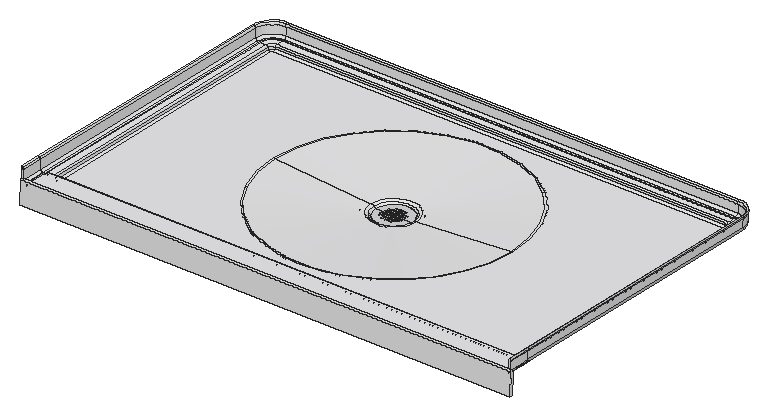
Revit family "Shower-Receptor-STERLING-GUARD-95079_1", category Plumbing Fixtures, host Face, Revit 2017
Family settings
  Host = Face
  Round Connector Dimension = Use Diameter
  Part Type = Normal
  OmniClass Number = 23.31.17.13
  OmniClass Title = Shower Receptors
  Cut with Voids When Loaded = No
  Shared = No
  Room Calculation Point = No
Parameters (values of type "0-White")
  Width = 38"  # constant formula
  WaterSense Certified = 1 = 0  # no
  Waste Water Outlet = "Waste Water Outlet"  # constant formula
  Waste Connection = 1 = 1  # yes
  Vent Connection = 1 = 0  # no
  URL = "https://www.sterlingplumbing.com/"
  Type = 1
  Product Page URL = "https://www.sterlingplumbing.com/product-detail/95079?skuid=95079"
  Product Name = "GUARD\r\n"  # constant formula
  Product Documentation Link = "https://resources.kohler.com/plumbing/sterling/pdf/95079_spec_US-CA_Sterling_en.pdf"
  Pressure = 0.00 psi
  Model = "95079-0"  # constant formula
  Material = "Acrylic"  # constant formula
  Master Format 2014 Name = "Residential Showers"  # constant formula
  Master Format 2014 = "22 41 23"  # constant formula
  Manufacturer Address = "444 Highland Dr, Kohler, WI 53044"  # constant formula
  Manufacturer = "STERLING Co."  # constant formula
  Length = 60"  # constant formula
  Hot Water Inlet = "Hot Water Inlet"  # constant formula
  Height = 4 3/16"  # constant formula
  HW Connection = 1 = 0  # no
  Flow Rate = 0 GPM
  Finish = STERLING-Acrylic-0-White
  Environmental Product Declaration = ""
  Drain Included = 1 = 0  # no
  Description = "60 inch x 38 inch shower base"  # constant formula
  Default Elevation = 0"
  Declare Label = ""
  Date Modified = "12/8/2020"  # constant formula
  Date Created = "12/8/2020"  # constant formula
  Copyright = "Copyright KOHLER Co."  # constant formula
  Contact Us = "https://www.us.kohler.com/us/static/contact.jsp"
  Cold Water Inlet = "Cold Water Inlet"  # constant formula
  CW Connection = 1 = 0  # no
  Assembly Code = "D2010700"
  ADA Compliant = 1 = 0  # no
Reference planes (in)
  plane 1 "Center (Front/Back)": y = 0
  plane 2: z = 0
  plane 3 "Center (Left/Right)": x = 0
  plane 4: x = -30
  plane 5: x = 30
  plane 6: y = -19
  plane 7: y = 19
  plane 8: y = 0.75
  plane 9: z = 4.1875
  plane 10: z = -1.23828
Forms (in)
  Revolve 1, void
    sketch origin (0, 0, 0) x (0, 1, 0) y (0, 0, 1)
      loop
        line (0.75, 0.4423) -> (0.75, -1.2495) -> (2.34194, -1.2495) -> (2.34194, -0.31325) -> (3.01031, -0.31325) -> (3.01031, 0.4423) -> (0.75, 0.4423)
      axis (0.75, 0.4423) -> (0.75, -1.2495)
    angle from 0 to 360
Dimensions and locks (in)
  locked: plane 7 to plane 8 at 18.25
  "Length": plane 4 to plane 5
  "Width": plane 6 to plane 7
  equal spacing: plane 6, plane 1 "Center (Front/Back)", plane 7, locked at 19 each
  "Height": plane 9 to level
  plane 3 "Center (Left/Right)" to plane 5 = 30"
  plane 9 to plane 10 = 5 109/256"
  aligned and locked: plane 2 to host face
  aligned and locked: level to host face
  aligned and locked: nested 1 to plane 6
Automatic sketch dimensions
  host sketch curve to host sketch curve = 96"  (x2)
  Revolve 1 sketch curve to plane 1 "Center (Front/Back)" = 3/4"  (x2)
  Revolve 1 sketch curve to level = 0.31325"
  plane 8 to Revolve 1 sketch curve = 1.59194"
  Revolve 1 sketch curve to Revolve 1 sketch curve = 0.66837"
  Revolve 1 sketch curve to level = 1.2495"
  level to Revolve 1 sketch curve = 0.4423"
  Revolve 1 sketch curve to Revolve 1 sketch curve = 0.2505"
  Revolve 1 sketch curve to Revolve 1 sketch curve = 4.8077"
Nested families (in)
  nested 1: "95079" at (0, 0.75, 0), type "95079"
Connectors (in)
  piping at (0, 0.75, -1.2495), diameter 2.5, driven by "Waste Connection", driven by "Waste Water Outlet"
    settings: on nested 1, index 1, connector inside diameter 24", connector length 0", flow factor 0, pipe flow 0 GPM, pressure drop 0.00 psi, fitting loss kfactor 0, connector angle 0.00°, fixture units 0, engagement length 0", angle of deflection 0.00°, flow configuration 0, flow direction 2, fitting loss method 0, system type 16, joint type 0, gender type 0, connector reference index -1, connector utility 1, adjustable connector no, is connector primary yes, connector description "Waste Water Outlet"
Definition of nested family "95079"
  Parameters (values of type "95079")
    Material = none
  Reference planes (in)
    plane 1 "Center (Front/Back)": y = 0
    plane 2: z = 0
    plane 3 "Center (Left/Right)": x = 0
    plane 4: x = -30
    plane 5: y = 18.25
    plane 6: x = 30
    plane 7: y = -19.75
    plane 8: z = 4.17803
    plane 9: z = -1.2495
    plane 10: z = 2.87402
    plane 11: z = 2.43652
  Forms (in)
    Sweep 1, solid, material <- "Material", detail levels medium+fine
      path origin (0, 0, 0) x (1, 0, 0) y (0, 1, 0)
        loop
          line (-27.83581, -17.04988) -> (-27.83581, 15.85845)
          arc (-27.83581, 15.85845) -> (-27.76918, 16.01931) -> (-27.60832, 16.08594) r 0.22749
          line (-27.60832, 16.08594) -> (27.76723, 16.08594)
          arc (27.76723, 16.08594) -> (27.81572, 16.06585) -> (27.83581, 16.01736) r 0.06858
          line (27.83581, 16.01736) -> (27.83581, -17.05078)
      profile origin (27.83581, -0.51671, 0) x (1, 0, 0) y (0, 0, 1)
        loop
          arc (2.16419, 4.17803) -> (2.07526, 4.12125) -> (1.99893, 4.0484) r 0.54543
          arc (1.99893, 4.0484) -> (1.93241, 3.93698) -> (1.90776, 3.80958) r 0.37562
          line (1.90776, 3.80958) -> (1.89012, 2.79867)
          arc (1.89012, 2.79867) -> (1.81538, 2.62472) -> (1.64016, 2.55303) r 0.25
          line (1.64016, 2.55303) -> (1.34203, 2.55303)
          arc (1.34203, 2.55303) -> (1.2733, 2.55114) -> (1.20477, 2.54548) r 1.25
          line (1.20477, 2.54548) -> (0.51287, 2.46904)
          arc (0.51287, 2.46904) -> (0.39438, 2.41258) -> (0.33649, 2.29478) r 0.19981
          line (0.33649, 2.29478) -> (0.30946, 2.07465)
          arc (0.30946, 2.07465) -> (0.22697, 1.91788) -> (0.06132, 1.85512) r 0.25
          line (0.06132, 1.85512) -> (0, 1.85512) -> (0, 1.64327) -> (0.05791, 1.64327)
          arc (0.05791, 1.64327) -> (0.36661, 1.76022) -> (0.52031, 2.05236) r 0.46587
          line (0.52031, 2.05236) -> (0.53339, 2.15884)
          arc (0.53339, 2.15884) -> (0.57048, 2.23432) -> (0.64641, 2.2705) r 0.12803
          line (0.64641, 2.2705) -> (1.23258, 2.33526)
          arc (1.23258, 2.33526) -> (1.28495, 2.33959) -> (1.33748, 2.34103) r 0.95526
          line (1.33748, 2.34103) -> (1.63258, 2.34103)
          arc (1.63258, 2.34103) -> (1.9618, 2.47572) -> (2.10222, 2.80254) r 0.46971
          line (2.10222, 2.80254) -> (2.11973, 3.80588)
          arc (2.11973, 3.80588) -> (2.13177, 3.86398) -> (2.16419, 3.91367) r 0.15967
          line (2.16419, 3.91367) -> (2.16419, 4.17803)
    Extrusion 2, solid, material <- "Material", detail levels medium+fine
      sketch origin (0, 0, 0) x (0, 1, 0) y (0, 0, 1)
        loop
          arc (-16.41142, 2.24476) -> (-16.52724, 2.4649) -> (-16.75986, 2.55303) r 0.35106
          line (-16.75986, 2.55303) -> (-19.26888, 2.55303)
          arc (-19.26888, 2.55303) -> (-19.34808, 2.58463) -> (-19.38378, 2.66207) r 0.11506
          line (-19.38378, 2.66207) -> (-19.3883, 2.74831)
          arc (-19.3883, 2.74831) -> (-19.52231, 2.87438) -> (-19.65411, 2.74599) r 0.13304
          line (-19.65411, 2.74599) -> (-19.75, 0) -> (-19.43781, 0) -> (-19.36052, 2.21316)
          arc (-19.36052, 2.21316) -> (-19.31982, 2.30248) -> (-19.22788, 2.33685) r 0.12825
          line (-19.22788, 2.33685) -> (-16.73783, 2.2499)
          arc (-16.73783, 2.2499) -> (-16.65101, 2.21217) -> (-16.6132, 2.12538) r 0.12922
          arc (-16.6132, 2.12538) -> (-16.4607, 1.78344) -> (-16.11352, 1.64327) r 0.5
          line (-16.11352, 1.64327) -> (-15.84564, 1.64327) -> (-15.84564, 1.85512) -> (-16.16828, 1.85512)
          arc (-16.16828, 1.85512) -> (-16.31455, 1.91053) -> (-16.38737, 2.04895) r 0.22074
          line (-16.38737, 2.04895) -> (-16.41142, 2.24476)
      from -30 to 30
    Extrusion 3, solid, material <- "Material", detail levels medium+fine
      sketch origin (0, 0, 0) x (1, 0, 0) y (0, 1, 0)
        loop
          line (-27.83581, -15.84564) -> (27.83581, -15.84564) -> (27.83581, 16.01736)
          arc (27.83581, 16.01736) -> (27.81572, 16.06585) -> (27.76723, 16.08594) r 0.06858
          line (27.76723, 16.08594) -> (-27.60832, 16.08594)
          arc (-27.60832, 16.08594) -> (-27.76918, 16.01931) -> (-27.83581, 15.85845) r 0.22749
          line (-27.83581, 15.85845) -> (-27.83581, -15.84564)
        loop
          circle (-0.13255, -0.00952) r 15.34488
      from 1.64327 to 1.85512
    Extrusion 4, void
      sketch origin (0, 0, 0) x (0, 1, 0) y (0, 0, 1)
        loop
          arc (-16.6132, 2.12538) -> (-16.65101, 2.21217) -> (-16.73783, 2.2499) r 0.12922
          line (-16.73783, 2.2499) -> (-17.16406, 2.26478) -> (-17.16406, 1.27729) -> (-15.91406, 1.27729) -> (-15.91406, 1.64327) -> (-16.11352, 1.64327)
          arc (-16.11352, 1.64327) -> (-16.4607, 1.78344) -> (-16.6132, 2.12538) r 0.5
      from -30 to 32.86528
    Extrusion 5, void
      sketch origin (0, 0, 0) x (1, 0, 0) y (0, 0, 1)
        loop
          line (-28.35612, 2.05236) -> (-28.36919, 2.15884)
          arc (-28.36919, 2.15884) -> (-28.40629, 2.23432) -> (-28.48221, 2.2705) r 0.12803
          line (-28.48221, 2.2705) -> (-29.06839, 2.33526)
          arc (-29.06839, 2.33526) -> (-29.12075, 2.33959) -> (-29.17328, 2.34103) r 0.95526
          line (-29.17328, 2.34103) -> (-29.50748, 2.34103)
          arc (-29.50748, 2.34103) -> (-29.80882, 2.46432) -> (-29.93734, 2.76346) r 0.42993
          line (-29.93734, 2.76346) -> (-29.93928, 2.87438) -> (-30, 2.87438) -> (-30, 1.64327) -> (-27.89372, 1.64327)
          arc (-27.89372, 1.64327) -> (-28.20241, 1.76022) -> (-28.35612, 2.05236) r 0.46587
      from -24 to 19.33765
    Revolve 6, solid, material <- "Material", detail levels medium+fine
      sketch origin (0, 0, 0) x (1, 0, 0) y (0, 0, 1)
        loop
          line (0, -1.2495) -> (0, -1.1245) -> (-1.3924, -1.1245)
          arc (-1.3924, -1.1245) -> (-1.41742, -1.11414) -> (-1.42779, -1.08912) r 0.03538
          line (-1.42779, -1.08912) -> (-1.42779, 0.17459) -> (-1.5, 0.17459) -> (-1.5, 0.56) -> (-2.09416, 0.56)
          arc (-2.09416, 0.56) -> (-2.17009, 0.5751) -> (-2.23446, 0.61811) r 0.1984
          line (-2.23446, 0.61811) -> (-2.45019, 0.83385)
          arc (-2.45019, 0.83385) -> (-2.60811, 0.94043) -> (-2.79443, 0.98021) r 0.5
          arc (-2.79443, 0.98021) -> (-8.63907, 1.24979) -> (-14.46011, 1.83975) r 106.56326
          arc (-14.46011, 1.83975) -> (-14.57931, 1.85127) -> (-14.69901, 1.85512) r 1.86485
          line (-14.69901, 1.85512) -> (-15.58581, 1.85512) -> (-15.58581, 1.64327) -> (-14.58522, 1.64327)
          arc (-14.58522, 1.64327) -> (-8.80702, 1.05077) -> (-3.00515, 0.77336) r 106.7742
          line (-3.00515, 0.77336) -> (-3.00515, 0.67548) -> (-2.85615, 0.67548)
          arc (-2.85615, 0.67548) -> (-2.73972, 0.65232) -> (-2.64102, 0.58637) r 0.30423
          line (-2.64102, 0.58637) -> (-2.44829, 0.39364)
          arc (-2.44829, 0.39364) -> (-2.28697, 0.28585) -> (-2.09668, 0.248) r 0.49725
          line (-2.09668, 0.248) -> (-2.25, 0.248) -> (-2.25, 0.08941)
          arc (-2.25, 0.08941) -> (-2.22381, 0.02619) -> (-2.16059, 0) r 0.08941
          line (-2.16059, 0) -> (-2.0435, 0)
          arc (-2.0435, 0) -> (-2.00902, -0.01393) -> (-1.99389, -0.0479) r 0.04964
          line (-1.99389, -0.0479) -> (-1.98462, -0.31325) -> (-1.59029, -0.31325) -> (-1.59029, -1.18256) -> (-1.52335, -1.2495) -> (0, -1.2495)
        axis (0, 1.85512) -> (0, -1.2495)
      angle from 0 to 360
    Revolve 7, solid, detail levels medium+fine
      sketch origin (0, 0, 0) x (1, 0, 0) y (0, 0, 1)
        loop
          line (-2.1875, 0.688) -> (-2.1875, 0.64457) -> (-1.95665, 0.5955) -> (0, 0.5955) -> (0, 0.688) -> (-2.1875, 0.688)
        axis (0, 0.5955) -> (0, 0.688)
      angle from 0 to 360
    Extrusion 8, void
      sketch origin (0, 0, 0) x (1, 0, 0) y (0, 1, 0)
        loop
          arc (-0.2, 0.83723) -> (-0.18609, 0.80366) -> (-0.15252, 0.78975) r 0.04748
          line (-0.15252, 0.78975) -> (0.14571, 0.78975)
          arc (0.14571, 0.78975) -> (0.1841, 0.80565) -> (0.2, 0.84404) r 0.05429
          line (0.2, 0.84404) -> (0.2, 1.14856)
          arc (0.2, 1.14856) -> (0.18501, 1.18476) -> (0.14881, 1.19975) r 0.05119
          line (0.14881, 1.19975) -> (-0.14313, 1.19975)
          arc (-0.14313, 1.19975) -> (-0.18334, 1.18309) -> (-0.2, 1.14288) r 0.05687
          line (-0.2, 1.14288) -> (-0.2, 0.83723)
        loop
          arc (-0.3429, 0.7935) -> (-0.30814, 0.80789) -> (-0.29375, 0.84265) r 0.04915
          line (-0.29375, 0.84265) -> (-0.29375, 1.14897)
          arc (-0.29375, 1.14897) -> (-0.30862, 1.18488) -> (-0.34453, 1.19975) r 0.05078
          line (-0.34453, 1.19975) -> (-0.64977, 1.19975)
          arc (-0.64977, 1.19975) -> (-0.68529, 1.18504) -> (-0.7, 1.14952) r 0.05023
          line (-0.7, 1.14952) -> (-0.7, 0.84551)
          arc (-0.7, 0.84551) -> (-0.68477, 0.80873) -> (-0.64799, 0.7935) r 0.05201
          line (-0.64799, 0.7935) -> (-0.3429, 0.7935)
        loop
          arc (-0.3429, 0.2935) -> (-0.30814, 0.30789) -> (-0.29375, 0.34265) r 0.04915
          line (-0.29375, 0.34265) -> (-0.29375, 0.64897)
          arc (-0.29375, 0.64897) -> (-0.30862, 0.68488) -> (-0.34453, 0.69975) r 0.05078
          line (-0.34453, 0.69975) -> (-0.64977, 0.69975)
          arc (-0.64977, 0.69975) -> (-0.68529, 0.68504) -> (-0.7, 0.64952) r 0.05023
          line (-0.7, 0.64952) -> (-0.7, 0.34551)
          arc (-0.7, 0.34551) -> (-0.68477, 0.30873) -> (-0.64799, 0.2935) r 0.05201
          line (-0.64799, 0.2935) -> (-0.3429, 0.2935)
        loop
          arc (-0.8429, 0.2935) -> (-0.80814, 0.30789) -> (-0.79375, 0.34265) r 0.04915
          line (-0.79375, 0.34265) -> (-0.79375, 0.64897)
          arc (-0.79375, 0.64897) -> (-0.80862, 0.68488) -> (-0.84453, 0.69975) r 0.05078
          line (-0.84453, 0.69975) -> (-1.14977, 0.69975)
          arc (-1.14977, 0.69975) -> (-1.18529, 0.68504) -> (-1.2, 0.64952) r 0.05023
          line (-1.2, 0.64952) -> (-1.2, 0.34551)
          arc (-1.2, 0.34551) -> (-1.18477, 0.30873) -> (-1.14799, 0.2935) r 0.05201
          line (-1.14799, 0.2935) -> (-0.8429, 0.2935)
        loop
          arc (-0.8429, -0.20625) -> (-0.80814, -0.19186) -> (-0.79375, -0.1571) r 0.04915
          line (-0.79375, -0.1571) -> (-0.79375, 0.14922)
          arc (-0.79375, 0.14922) -> (-0.80862, 0.18513) -> (-0.84453, 0.2) r 0.05078
          line (-0.84453, 0.2) -> (-1.14977, 0.2)
          arc (-1.14977, 0.2) -> (-1.18529, 0.18529) -> (-1.2, 0.14977) r 0.05023
          line (-1.2, 0.14977) -> (-1.2, -0.15424)
          arc (-1.2, -0.15424) -> (-1.18477, -0.19102) -> (-1.14799, -0.20625) r 0.05201
          line (-1.14799, -0.20625) -> (-0.8429, -0.20625)
        loop
          arc (-0.8429, -0.7) -> (-0.80814, -0.68561) -> (-0.79375, -0.65085) r 0.04915
          line (-0.79375, -0.65085) -> (-0.79375, -0.34453)
          arc (-0.79375, -0.34453) -> (-0.80862, -0.30862) -> (-0.84453, -0.29375) r 0.05078
          line (-0.84453, -0.29375) -> (-1.14977, -0.29375)
          arc (-1.14977, -0.29375) -> (-1.18529, -0.30846) -> (-1.2, -0.34398) r 0.05023
          line (-1.2, -0.34398) -> (-1.2, -0.64799)
          arc (-1.2, -0.64799) -> (-1.18477, -0.68477) -> (-1.14799, -0.7) r 0.05201
          line (-1.14799, -0.7) -> (-0.8429, -0.7)
        loop
          arc (-0.3429, -0.7) -> (-0.30814, -0.68561) -> (-0.29375, -0.65085) r 0.04915
          line (-0.29375, -0.65085) -> (-0.29375, -0.34453)
          arc (-0.29375, -0.34453) -> (-0.30862, -0.30862) -> (-0.34453, -0.29375) r 0.05078
          line (-0.34453, -0.29375) -> (-0.64977, -0.29375)
          arc (-0.64977, -0.29375) -> (-0.68529, -0.30846) -> (-0.7, -0.34398) r 0.05023
          line (-0.7, -0.34398) -> (-0.7, -0.64799)
          arc (-0.7, -0.64799) -> (-0.68477, -0.68477) -> (-0.64799, -0.7) r 0.05201
          line (-0.64799, -0.7) -> (-0.3429, -0.7)
        loop
          arc (-0.3429, -0.20625) -> (-0.30814, -0.19186) -> (-0.29375, -0.1571) r 0.04915
          line (-0.29375, -0.1571) -> (-0.29375, 0.14922)
          arc (-0.29375, 0.14922) -> (-0.30862, 0.18513) -> (-0.34453, 0.2) r 0.05078
          line (-0.34453, 0.2) -> (-0.64977, 0.2)
          arc (-0.64977, 0.2) -> (-0.68529, 0.18529) -> (-0.7, 0.14977) r 0.05023
          line (-0.7, 0.14977) -> (-0.7, -0.15424)
          arc (-0.7, -0.15424) -> (-0.68477, -0.19102) -> (-0.64799, -0.20625) r 0.05201
          line (-0.64799, -0.20625) -> (-0.3429, -0.20625)
        loop
          arc (0.15425, -0.20625) -> (0.189, -0.19186) -> (0.2034, -0.1571) r 0.04915
          line (0.2034, -0.1571) -> (0.2034, 0.14922)
          arc (0.2034, 0.14922) -> (0.18853, 0.18513) -> (0.15262, 0.2) r 0.05078
          line (0.15262, 0.2) -> (-0.15262, 0.2)
          arc (-0.15262, 0.2) -> (-0.18814, 0.18529) -> (-0.20285, 0.14977) r 0.05023
          line (-0.20285, 0.14977) -> (-0.20285, -0.15424)
          arc (-0.20285, -0.15424) -> (-0.18762, -0.19102) -> (-0.15084, -0.20625) r 0.05201
          line (-0.15084, -0.20625) -> (0.15425, -0.20625)
        loop
          arc (0.15425, 0.2935) -> (0.189, 0.30789) -> (0.2034, 0.34265) r 0.04915
          line (0.2034, 0.34265) -> (0.2034, 0.64897)
          arc (0.2034, 0.64897) -> (0.18853, 0.68488) -> (0.15262, 0.69975) r 0.05078
          line (0.15262, 0.69975) -> (-0.15262, 0.69975)
          arc (-0.15262, 0.69975) -> (-0.18814, 0.68504) -> (-0.20285, 0.64952) r 0.05023
          line (-0.20285, 0.64952) -> (-0.20285, 0.34551)
          arc (-0.20285, 0.34551) -> (-0.18762, 0.30873) -> (-0.15084, 0.2935) r 0.05201
          line (-0.15084, 0.2935) -> (0.15425, 0.2935)
        loop
          arc (0.65425, 0.2935) -> (0.689, 0.30789) -> (0.7034, 0.34265) r 0.04915
          line (0.7034, 0.34265) -> (0.7034, 0.64897)
          arc (0.7034, 0.64897) -> (0.68853, 0.68488) -> (0.65262, 0.69975) r 0.05078
          line (0.65262, 0.69975) -> (0.34738, 0.69975)
          arc (0.34738, 0.69975) -> (0.31186, 0.68504) -> (0.29715, 0.64952) r 0.05023
          line (0.29715, 0.64952) -> (0.29715, 0.34551)
          arc (0.29715, 0.34551) -> (0.31238, 0.30873) -> (0.34916, 0.2935) r 0.05201
          line (0.34916, 0.2935) -> (0.65425, 0.2935)
        loop
          arc (0.65425, -0.20625) -> (0.689, -0.19186) -> (0.7034, -0.1571) r 0.04915
          line (0.7034, -0.1571) -> (0.7034, 0.14922)
          arc (0.7034, 0.14922) -> (0.68853, 0.18513) -> (0.65262, 0.2) r 0.05078
          line (0.65262, 0.2) -> (0.34738, 0.2)
          arc (0.34738, 0.2) -> (0.31186, 0.18529) -> (0.29715, 0.14977) r 0.05023
          line (0.29715, 0.14977) -> (0.29715, -0.15424)
          arc (0.29715, -0.15424) -> (0.31238, -0.19102) -> (0.34916, -0.20625) r 0.05201
          line (0.34916, -0.20625) -> (0.65425, -0.20625)
        loop
          arc (0.65425, -0.7) -> (0.689, -0.68561) -> (0.7034, -0.65085) r 0.04915
          line (0.7034, -0.65085) -> (0.7034, -0.34453)
          arc (0.7034, -0.34453) -> (0.68853, -0.30862) -> (0.65262, -0.29375) r 0.05078
          line (0.65262, -0.29375) -> (0.34738, -0.29375)
          arc (0.34738, -0.29375) -> (0.31186, -0.30846) -> (0.29715, -0.34398) r 0.05023
          line (0.29715, -0.34398) -> (0.29715, -0.64799)
          arc (0.29715, -0.64799) -> (0.31238, -0.68477) -> (0.34916, -0.7) r 0.05201
          line (0.34916, -0.7) -> (0.65425, -0.7)
        loop
          arc (0.15425, -0.7) -> (0.189, -0.68561) -> (0.2034, -0.65085) r 0.04915
          line (0.2034, -0.65085) -> (0.2034, -0.34453)
          arc (0.2034, -0.34453) -> (0.18853, -0.30862) -> (0.15262, -0.29375) r 0.05078
          line (0.15262, -0.29375) -> (-0.15262, -0.29375)
          arc (-0.15262, -0.29375) -> (-0.18814, -0.30846) -> (-0.20285, -0.34398) r 0.05023
          line (-0.20285, -0.34398) -> (-0.20285, -0.64799)
          arc (-0.20285, -0.64799) -> (-0.18762, -0.68477) -> (-0.15084, -0.7) r 0.05201
          line (-0.15084, -0.7) -> (0.15425, -0.7)
        loop
          arc (0.15425, -1.196) -> (0.189, -1.18161) -> (0.2034, -1.14685) r 0.04915
          line (0.2034, -1.14685) -> (0.2034, -0.84053)
          arc (0.2034, -0.84053) -> (0.18853, -0.80462) -> (0.15262, -0.78975) r 0.05078
          line (0.15262, -0.78975) -> (-0.15262, -0.78975)
          arc (-0.15262, -0.78975) -> (-0.18814, -0.80446) -> (-0.20285, -0.83998) r 0.05023
          line (-0.20285, -0.83998) -> (-0.20285, -1.14399)
          arc (-0.20285, -1.14399) -> (-0.18762, -1.18077) -> (-0.15084, -1.196) r 0.05201
          line (-0.15084, -1.196) -> (0.15425, -1.196)
        loop
          arc (-0.34575, -1.196) -> (-0.311, -1.18161) -> (-0.2966, -1.14685) r 0.04915
          line (-0.2966, -1.14685) -> (-0.2966, -0.84053)
          arc (-0.2966, -0.84053) -> (-0.31147, -0.80462) -> (-0.34738, -0.78975) r 0.05078
          line (-0.34738, -0.78975) -> (-0.65262, -0.78975)
          arc (-0.65262, -0.78975) -> (-0.68814, -0.80446) -> (-0.70285, -0.83998) r 0.05023
          line (-0.70285, -0.83998) -> (-0.70285, -1.14399)
          arc (-0.70285, -1.14399) -> (-0.68762, -1.18077) -> (-0.65084, -1.196) r 0.05201
          line (-0.65084, -1.196) -> (-0.34575, -1.196)
        loop
          arc (0.65425, -1.196) -> (0.689, -1.18161) -> (0.7034, -1.14685) r 0.04915
          line (0.7034, -1.14685) -> (0.7034, -0.84053)
          arc (0.7034, -0.84053) -> (0.68853, -0.80462) -> (0.65262, -0.78975) r 0.05078
          line (0.65262, -0.78975) -> (0.34738, -0.78975)
          arc (0.34738, -0.78975) -> (0.31186, -0.80446) -> (0.29715, -0.83998) r 0.05023
          line (0.29715, -0.83998) -> (0.29715, -1.14399)
          arc (0.29715, -1.14399) -> (0.31238, -1.18077) -> (0.34916, -1.196) r 0.05201
          line (0.34916, -1.196) -> (0.65425, -1.196)
        loop
          arc (1.13997, -0.7) -> (1.17472, -0.68561) -> (1.18911, -0.65085) r 0.04915
          line (1.18911, -0.65085) -> (1.18911, -0.34453)
          arc (1.18911, -0.34453) -> (1.17424, -0.30862) -> (1.13833, -0.29375) r 0.05078
          line (1.13833, -0.29375) -> (0.8331, -0.29375)
          arc (0.8331, -0.29375) -> (0.79758, -0.30846) -> (0.78286, -0.34398) r 0.05023
          line (0.78286, -0.34398) -> (0.78286, -0.64799)
          arc (0.78286, -0.64799) -> (0.7981, -0.68477) -> (0.83488, -0.7) r 0.05201
          line (0.83488, -0.7) -> (1.13997, -0.7)
        loop
          arc (0.65113, 0.7935) -> (0.68588, 0.80789) -> (0.70027, 0.84265) r 0.04915
          line (0.70027, 0.84265) -> (0.70027, 1.14897)
          arc (0.70027, 1.14897) -> (0.6854, 1.18488) -> (0.64949, 1.19975) r 0.05078
          line (0.64949, 1.19975) -> (0.34426, 1.19975)
          arc (0.34426, 1.19975) -> (0.30874, 1.18504) -> (0.29402, 1.14952) r 0.05023
          line (0.29402, 1.14952) -> (0.29402, 0.84551)
          arc (0.29402, 0.84551) -> (0.30926, 0.80873) -> (0.34604, 0.7935) r 0.05201
          line (0.34604, 0.7935) -> (0.65113, 0.7935)
        loop
          arc (1.15113, 0.2935) -> (1.18588, 0.30789) -> (1.20027, 0.34265) r 0.04915
          line (1.20027, 0.34265) -> (1.20027, 0.64897)
          arc (1.20027, 0.64897) -> (1.1854, 0.68488) -> (1.14949, 0.69975) r 0.05078
          line (1.14949, 0.69975) -> (0.84426, 0.69975)
          arc (0.84426, 0.69975) -> (0.80874, 0.68504) -> (0.79402, 0.64952) r 0.05023
          line (0.79402, 0.64952) -> (0.79402, 0.34551)
          arc (0.79402, 0.34551) -> (0.80926, 0.30873) -> (0.84604, 0.2935) r 0.05201
          line (0.84604, 0.2935) -> (1.15113, 0.2935)
        loop
          arc (1.15113, -0.20625) -> (1.18588, -0.19186) -> (1.20027, -0.1571) r 0.04915
          line (1.20027, -0.1571) -> (1.20027, 0.14922)
          arc (1.20027, 0.14922) -> (1.1854, 0.18513) -> (1.14949, 0.2) r 0.05078
          line (1.14949, 0.2) -> (0.84426, 0.2)
          arc (0.84426, 0.2) -> (0.80874, 0.18529) -> (0.79402, 0.14977) r 0.05023
          line (0.79402, 0.14977) -> (0.79402, -0.15424)
          arc (0.79402, -0.15424) -> (0.80926, -0.19102) -> (0.84604, -0.20625) r 0.05201
          line (0.84604, -0.20625) -> (1.15113, -0.20625)
      from 0 to 2.28214
    Extrusion 9, solid, material <- "Material", detail levels medium+fine
      sketch origin (0, 0, 0) x (1, 0, 0) y (0, 0, 1)
        loop
          line (-29.72592, 2.79867) -> (-29.74357, 3.80958)
          arc (-29.74357, 3.80958) -> (-29.76821, 3.93698) -> (-29.83474, 4.0484) r 0.37562
          arc (-29.83474, 4.0484) -> (-29.91107, 4.12125) -> (-30, 4.17803) r 0.54543
          line (-30, 4.17803) -> (-30, 3.91367)
          arc (-30, 3.91367) -> (-29.96758, 3.86398) -> (-29.95554, 3.80588) r 0.15967
          line (-29.95554, 3.80588) -> (-29.93748, 2.77125)
          arc (-29.93748, 2.77125) -> (-29.81687, 2.47664) -> (-29.52885, 2.34103) r 0.43892
          line (-29.52885, 2.34103) -> (-29.26304, 2.34103) -> (-29.26304, 2.55303) -> (-29.47596, 2.55303)
          arc (-29.47596, 2.55303) -> (-29.65119, 2.62472) -> (-29.72592, 2.79867) r 0.25
      from 17.04988 to 20.05623
    Extrusion 10, void
      sketch origin (0, 0, 0) x (0, 1, 0) y (0, 0, 1)
        loop
          line (-19.54532, 4.24741) -> (-20.17088, 4.24741) -> (-20.17088, 2.24741) -> (-19.61516, 2.24741) -> (-19.54532, 4.24741)
      from -50 to 31.5635
    Extrusion 11, void
      sketch origin (0, 0, 0) x (-1, 0, 0) y (0, 0, -1)
        loop
          arc (-28.35612, -2.05236) -> (-28.20241, -1.76022) -> (-27.89372, -1.64327) r 0.46587
          line (-27.89372, -1.64327) -> (-30, -1.64327) -> (-30, -2.87438) -> (-29.93928, -2.87438) -> (-29.93734, -2.76346)
          arc (-29.93734, -2.76346) -> (-29.80882, -2.46432) -> (-29.50748, -2.34103) r 0.42993
          line (-29.50748, -2.34103) -> (-29.17328, -2.34103)
          arc (-29.17328, -2.34103) -> (-29.12075, -2.33959) -> (-29.06839, -2.33526) r 0.95526
          line (-29.06839, -2.33526) -> (-28.48221, -2.2705)
          arc (-28.48221, -2.2705) -> (-28.40629, -2.23432) -> (-28.36919, -2.15884) r 0.12803
          line (-28.36919, -2.15884) -> (-28.35612, -2.05236)
      from -24 to 19.33765
    Extrusion 12, solid, material <- "Material", detail levels medium+fine
      sketch origin (0, 0, 0) x (-1, 0, 0) y (0, 0, -1)
        loop
          arc (-29.72592, -2.79867) -> (-29.65119, -2.62472) -> (-29.47596, -2.55303) r 0.25
          line (-29.47596, -2.55303) -> (-29.26304, -2.55303) -> (-29.26304, -2.34103) -> (-29.52885, -2.34103)
          arc (-29.52885, -2.34103) -> (-29.81687, -2.47664) -> (-29.93748, -2.77125) r 0.43892
          line (-29.93748, -2.77125) -> (-29.95554, -3.80588)
          arc (-29.95554, -3.80588) -> (-29.96758, -3.86398) -> (-30, -3.91367) r 0.15967
          line (-30, -3.91367) -> (-30, -4.17803)
          arc (-30, -4.17803) -> (-29.91107, -4.12125) -> (-29.83474, -4.0484) r 0.54543
          arc (-29.83474, -4.0484) -> (-29.76821, -3.93698) -> (-29.74357, -3.80958) r 0.37562
          line (-29.74357, -3.80958) -> (-29.72592, -2.79867)
      from 17.04988 to 20.05623
    Extrusion 13, solid, material <- "Material", detail levels medium+fine
      sketch origin (0, 0, 0) x (1, 0, 0) y (0, 0, 1)
        loop
          line (4.26672, 0.6633) -> (27.25608, 1.36251) -> (27.24393, 1.76213) -> (17.62095, 1.76213) -> (4.25741, 0.96933) -> (4.26672, 0.6633)
        loop
          line (-3.989, 0.60559) -> (4.011, 0.60559) -> (4.011, 0.80981) -> (-3.989, 0.80981) -> (-3.989, 0.60559)
        loop
          line (-4.26672, 0.6633) -> (-4.25741, 0.96933) -> (-17.62095, 1.76213) -> (-27.24393, 1.76213) -> (-27.25608, 1.36251) -> (-4.26672, 0.6633)
      from -13.875 to 19.54023
    Extrusion 14, void
      sketch origin (0, 0, 0) x (1, 0, 0) y (0, 1, 0)
        loop
          circle (0, 0) r 3.38038
      from -5.54149 to 10
    Extrusion 15, solid, material <- "Material", detail levels medium+fine
      sketch origin (0, 0, 0) x (1, 0, 0) y (0, 0, 1)
        loop
          line (17.50035, 0.6441) -> (17.48514, 1.14327) -> (14.48375, 1.14327) -> (14.50174, 0.55274) -> (17.50035, 0.6441)
        loop
          line (1.5, 0.24182) -> (1.5, 0.72751) -> (-1.5, 0.72751) -> (-1.5, 0.24182) -> (1.5, 0.24182)
        loop
          line (-17.50035, 0.6441) -> (-14.50174, 0.55274) -> (-14.48375, 1.14327) -> (-17.48514, 1.14327) -> (-17.50035, 0.6441)
      from -10.34627 to -7.32514
    Extrusion 16, solid, material <- "Material", detail levels medium+fine
      sketch origin (0, 0, 0) x (1, 0, 0) y (0, 0, -1)
        loop
          line (17.50035, -0.6441) -> (14.50174, -0.55274) -> (14.48375, -1.14327) -> (17.48514, -1.14327) -> (17.50035, -0.6441)
        loop
          line (1.5, -0.24182) -> (-1.5, -0.24182) -> (-1.5, -0.72751) -> (1.5, -0.72751) -> (1.5, -0.24182)
        loop
          line (-17.50035, -0.6441) -> (-17.48514, -1.14327) -> (-14.48375, -1.14327) -> (-14.50174, -0.55274) -> (-17.50035, -0.6441)
      from -15.1637 to -12.16553
    Extrusion 17, solid, material <- "Material", detail levels coarse
      sketch origin (0, 0, 0) x (1, 0, 0) y (0, 1, 0)
        loop
          line (-30, 18.25013) -> (-30, -19.75) -> (30, -19.75) -> (30, 18.25013) -> (-30, 18.25013)
      from 2.27315 to 4.17803
    Extrusion 18, solid, material <- "Material", detail levels coarse
      sketch origin (0, 0, 0) x (0, 1, 0) y (0, 0, 1)
        loop
          line (-16.65783, 2.27315) -> (-16.65783, 0.6633) -> (16.67323, 0.6633) -> (16.67323, 2.27315) -> (-16.65783, 2.27315)
      from -28.34646 to 28.34646
    Revolve 19, solid, material <- "Material", detail levels coarse
      sketch origin (0, 0, 0) x (1, 0, 0) y (0, 0, 1)
        loop
          line (0, 0.2773) -> (-2.25, 0.2773) -> (-2.25, 0) -> (-1.98462, 0) -> (-1.98462, -0.31325) -> (-1.59029, -0.31325) -> (-1.59029, -1.2495) -> (0, -1.2495) -> (0, 0.2773)
        axis (0, -1.2495) -> (0, 0.2773)
      angle from 0 to 360
    Extrusion 20, void
      sketch origin (0, 0, 0) x (1, 0, 0) y (0, 1, 0)
        loop
          line (-28.18189, 16.43189) -> (-28.18189, -16.40025) -> (28.18181, -16.40025) -> (28.18181, 16.43189) -> (-28.18189, 16.43189)
      from 0.80981 to 10
    Extrusion 21, void
      sketch origin (0, 0, 0) x (1, 0, 0) y (0, 1, 0)
        loop
          line (-28.18189, -16.40025) -> (-28.18189, -21.51836) -> (28.18125, -21.51836) -> (28.18125, -16.40025) -> (-28.18189, -16.40025)
      from 2.55303 to 10
    Extrusion 22, solid, material <- "Material", detail levels coarse
      sketch origin (0, 0, 0) x (0, 1, 0) y (0, 0, 1)
        loop
          line (-19.75, 0) -> (-19.43781, 0) -> (-19.43781, 2.86835) -> (-19.75, 2.86835) -> (-19.75, 0)
      from -30 to 30
    Extrusion 23, solid, material <- "Material", detail levels medium+fine
      sketch origin (0, 0, 0) x (1, 0, 0) y (0, 1, 0)
        loop
          circle (0, 0) r 0.3937
      from -1.2495 to -1.03655
  Cuts and joins
    Extrusion 4, Extrusion 14 cuts Sweep 1
    Extrusion 4, Extrusion 14 cuts Extrusion 3
    Extrusion 4 cuts Revolve 6
    Extrusion 14 cuts Extrusion 13
    joined: Sweep 1, Extrusion 3, Revolve 6, Extrusion 13, Extrusion 15, Extrusion 16
    Extrusion 4, Extrusion 5, Extrusion 11 cuts Extrusion 2
    Extrusion 8 cuts Revolve 7
    Extrusion 10 cuts Extrusion 9
    Extrusion 10 cuts Extrusion 12
    joined: Extrusion 9, Extrusion 12
    Extrusion 20, Extrusion 21 cuts Extrusion 17
    Extrusion 20 cuts Extrusion 18
    joined: Extrusion 17, Extrusion 18, Revolve 19, Extrusion 22
  Lines and regions (in)
    Masking region 1
      outline origin (0, 0, 0) x (1, 0, 0) y (0, 1, 0)
        loop
          line (-30, 18.25) -> (-30, -19.75) -> (30, -19.75) -> (30, 18.25) -> (-30, 18.25)
    Masking region 2
      outline origin (0, 0, 0) x (1, 0, 0) y (0, 0, 1)
        loop
          line (-30, 4.17803) -> (-30, 0) -> (-2.03817, 0)
          arc (-2.03817, 0) -> (-2.00708, -0.01629) -> (-1.99386, -0.04881) r 0.05103
          line (-1.99386, -0.04881) -> (-1.98462, -0.31325) -> (-1.59029, -0.31325) -> (-1.59029, -1.18256) -> (-1.52335, -1.2495) -> (1.52335, -1.2495) -> (1.59029, -1.18256) -> (1.59029, -0.31325) -> (1.98463, -0.31325) -> (1.99386, -0.04881)
          arc (1.99386, -0.04881) -> (2.00708, -0.01629) -> (2.03817, 0) r 0.05103
          line (2.03817, 0) -> (30, 0) -> (30, 4.17803) -> (-30, 4.17803)
    Masking region 3
      outline origin (0, 0, 0) x (0, 1, 0) y (0, 0, 1)
        loop
          line (-19.75, 0) -> (-19.43781, 0) -> (-19.41666, 0.60559) -> (-15.1637, 0.60559) -> (-15.1637, 0.24182) -> (-12.16553, 0.24182) -> (-12.16553, 0.60559) -> (-2.66024, 0.60559) -> (-2.44829, 0.39364)
          arc (-2.44829, 0.39364) -> (-2.28697, 0.28585) -> (-2.09668, 0.248) r 0.49725
          line (-2.09668, 0.248) -> (-2.25, 0.248) -> (-2.25, 0.08941)
          arc (-2.25, 0.08941) -> (-2.22381, 0.02619) -> (-2.16059, 0) r 0.08941
          line (-2.16059, 0) -> (-2.0435, 0)
          arc (-2.0435, 0) -> (-2.00902, -0.01393) -> (-1.99389, -0.0479) r 0.04964
          line (-1.99389, -0.0479) -> (-1.98463, -0.31325) -> (-1.59029, -0.31325) -> (-1.59029, -1.18256) -> (-1.52335, -1.2495) -> (0, -1.2495) -> (1.52335, -1.2495) -> (1.59029, -1.18256) -> (1.59029, -0.31325) -> (1.98462, -0.31325) -> (1.99389, -0.0479)
          arc (1.99389, -0.0479) -> (2.00902, -0.01393) -> (2.0435, 0) r 0.04964
          line (2.0435, 0) -> (2.16059, 0)
          arc (2.16059, 0) -> (2.22381, 0.02619) -> (2.25, 0.08941) r 0.08941
          line (2.25, 0.08941) -> (2.25, 0.248) -> (2.09668, 0.248)
          arc (2.09668, 0.248) -> (2.28697, 0.28585) -> (2.44829, 0.39364) r 0.49725
          line (2.44829, 0.39364) -> (2.66024, 0.60559) -> (7.32514, 0.60559) -> (7.32514, 0.24182) -> (10.34627, 0.24182) -> (10.34627, 0.60559) -> (13.875, 0.60559) -> (13.875, 1.50289) -> (16.15305, 1.5658)
          arc (16.15305, 1.5658) -> (16.45062, 1.69211) -> (16.59738, 1.98015) r 0.47258
          line (16.59738, 1.98015) -> (16.62027, 2.16661)
          arc (16.62027, 2.16661) -> (16.65449, 2.23623) -> (16.72452, 2.26961) r 0.11811
          line (16.72452, 2.26961) -> (17.3191, 2.33536)
          arc (17.3191, 2.33536) -> (17.37118, 2.33965) -> (17.42341, 2.34104) r 0.93694
          line (17.42341, 2.34104) -> (17.71583, 2.34104)
          arc (17.71583, 2.34104) -> (18.04697, 2.47651) -> (18.1882, 2.80523) r 0.47244
          line (18.1882, 2.80523) -> (18.20564, 3.80434)
          arc (18.20564, 3.80434) -> (18.21768, 3.86316) -> (18.25013, 3.91367) r 0.16362
          line (18.25013, 3.91367) -> (18.25013, 4.17803) -> (-19.414, 4.17803)
          arc (-19.414, 4.17803) -> (-19.55075, 4.12279) -> (-19.61073, 3.98805) r 0.19685
          line (-19.61073, 3.98805) -> (-19.75, 0)
    symbolic lines, detail levels medium+fine
      curve 1: line (-29.11024, 17.95079, 0) -> (29.09978, 17.95079, 0)
      curve 2: line (-29.70079, -19.40269, 0) -> (-29.70079, 17.36024, 0)
      curve 3: line (29.69033, -19.40269, 0) -> (-29.70079, -19.40269, 0)
      curve 4: line (29.69033, 17.36024, 0) -> (29.69033, -19.40269, 0)
      curve 5: arc (-29.70079, 17.36024, 0) -> (-29.52782, 17.77782, 0) -> (-29.11024, 17.95079, 0) r 0.59055
      curve 6: arc (29.69033, 17.36024, 0) -> (29.51736, 17.77782, 0) -> (29.09978, 17.95079, 0) r 0.59055
      curve 8: circle (0, 0, 0) r 2.66816 normal (0, 0, 1)
      curve 9: circle (0, 0, 0) r 1.77165 normal (0, 0, 1)
      curve 10: line (-0.7, 1.14952, 0) -> (-0.7, 0.84551, 0)
      curve 11: line (-0.29375, 0.84265, 0) -> (-0.29375, 1.14897, 0)
      curve 12: line (-0.64799, 0.7935, 0) -> (-0.3429, 0.7935, 0)
      curve 13: line (-0.34453, 1.19975, 0) -> (-0.64977, 1.19975, 0)
      curve 14: arc (-0.7, 0.84551, 0) -> (-0.68477, 0.80873, 0) -> (-0.64799, 0.7935, 0) r 0.05201
      curve 15: arc (-0.3429, 0.7935, 0) -> (-0.30814, 0.80789, 0) -> (-0.29375, 0.84265, 0) r 0.04915
      curve 16: arc (-0.64977, 1.19975, 0) -> (-0.68529, 1.18504, 0) -> (-0.7, 1.14952, 0) r 0.05023
      curve 17: arc (-0.29375, 1.14897, 0) -> (-0.30862, 1.18488, 0) -> (-0.34453, 1.19975, 0) r 0.05078
      curve 18: line (-0.20001, 1.14952, 0) -> (-0.20001, 0.84551, 0)
      curve 19: line (0.20624, 0.84265, 0) -> (0.20624, 1.14897, 0)
      curve 20: line (-0.148, 0.7935, 0) -> (0.1571, 0.7935, 0)
      curve 21: line (0.15546, 1.19975, 0) -> (0.10124, 1.19975, 0)
      curve 22: arc (-0.20001, 0.84551, 0) -> (-0.18477, 0.80873, 0) -> (-0.148, 0.7935, 0) r 0.05201
      curve 23: arc (0.1571, 0.7935, 0) -> (0.19185, 0.80789, 0) -> (0.20624, 0.84265, 0) r 0.04915
      curve 24: arc (-0.14978, 1.19975, 0) -> (-0.1853, 1.18504, 0) -> (-0.20001, 1.14952, 0) r 0.05023
      curve 25: arc (0.20624, 1.14897, 0) -> (0.19137, 1.18488, 0) -> (0.15546, 1.19975, 0) r 0.05078
      curve 26: line (0.29402, 1.14952, 0) -> (0.29402, 0.84551, 0)
      curve 27: line (0.70027, 0.84265, 0) -> (0.70027, 1.14897, 0)
      curve 28: line (0.34604, 0.7935, 0) -> (0.65113, 0.7935, 0)
      curve 29: line (0.64949, 1.19975, 0) -> (0.34426, 1.19975, 0)
      curve 30: arc (0.29402, 0.84551, 0) -> (0.30926, 0.80873, 0) -> (0.34604, 0.7935, 0) r 0.05201
      curve 31: arc (0.65113, 0.7935, 0) -> (0.68588, 0.80789, 0) -> (0.70027, 0.84265, 0) r 0.04915
      curve 32: arc (0.34426, 1.19975, 0) -> (0.30874, 1.18504, 0) -> (0.29402, 1.14952, 0) r 0.05023
      curve 33: arc (0.70027, 1.14897, 0) -> (0.6854, 1.18488, 0) -> (0.64949, 1.19975, 0) r 0.05078
      curve 34: line (0.79402, 0.64952, 0) -> (0.79402, 0.34551, 0)
      curve 35: line (1.20027, 0.34265, 0) -> (1.20027, 0.64897, 0)
      curve 36: line (0.84604, 0.2935, 0) -> (1.15113, 0.2935, 0)
      curve 37: line (1.14949, 0.69975, 0) -> (0.84426, 0.69975, 0)
      curve 38: arc (0.79402, 0.34551, 0) -> (0.80926, 0.30873, 0) -> (0.84604, 0.2935, 0) r 0.05201
      curve 39: arc (1.15113, 0.2935, 0) -> (1.18588, 0.30789, 0) -> (1.20027, 0.34265, 0) r 0.04915
      curve 40: arc (0.84426, 0.69975, 0) -> (0.80874, 0.68504, 0) -> (0.79402, 0.64952, 0) r 0.05023
      curve 41: arc (1.20027, 0.64897, 0) -> (1.1854, 0.68488, 0) -> (1.14949, 0.69975, 0) r 0.05078
      curve 42: line (0.29715, 0.64952, 0) -> (0.29715, 0.34551, 0)
      curve 43: line (0.7034, 0.34265, 0) -> (0.7034, 0.64897, 0)
      curve 44: line (0.34916, 0.2935, 0) -> (0.65425, 0.2935, 0)
      curve 45: line (0.65262, 0.69975, 0) -> (0.34738, 0.69975, 0)
      curve 46: arc (0.29715, 0.34551, 0) -> (0.31238, 0.30873, 0) -> (0.34916, 0.2935, 0) r 0.05201
      curve 47: arc (0.65425, 0.2935, 0) -> (0.689, 0.30789, 0) -> (0.7034, 0.34265, 0) r 0.04915
      curve 48: arc (0.34738, 0.69975, 0) -> (0.31186, 0.68504, 0) -> (0.29715, 0.64952, 0) r 0.05023
      curve 49: arc (0.7034, 0.64897, 0) -> (0.68853, 0.68488, 0) -> (0.65262, 0.69975, 0) r 0.05078
      curve 50: line (-0.20285, 0.64952, 0) -> (-0.20285, 0.34551, 0)
      curve 51: line (0.2034, 0.34265, 0) -> (0.2034, 0.64897, 0)
      curve 52: line (-0.15084, 0.2935, 0) -> (0.15425, 0.2935, 0)
      curve 53: line (0.15262, 0.69975, 0) -> (-0.15262, 0.69975, 0)
      curve 54: arc (-0.20285, 0.34551, 0) -> (-0.18762, 0.30873, 0) -> (-0.15084, 0.2935, 0) r 0.05201
      curve 55: arc (0.15425, 0.2935, 0) -> (0.189, 0.30789, 0) -> (0.2034, 0.34265, 0) r 0.04915
      curve 56: arc (-0.15262, 0.69975, 0) -> (-0.18814, 0.68504, 0) -> (-0.20285, 0.64952, 0) r 0.05023
      curve 57: arc (0.2034, 0.64897, 0) -> (0.18853, 0.68488, 0) -> (0.15262, 0.69975, 0) r 0.05078
      curve 58: line (-0.7, 0.64952, 0) -> (-0.7, 0.34551, 0)
      curve 59: line (-0.29375, 0.34265, 0) -> (-0.29375, 0.64897, 0)
      curve 60: line (-0.64799, 0.2935, 0) -> (-0.3429, 0.2935, 0)
      curve 61: line (-0.34453, 0.69975, 0) -> (-0.64977, 0.69975, 0)
      curve 62: arc (-0.7, 0.34551, 0) -> (-0.68477, 0.30873, 0) -> (-0.64799, 0.2935, 0) r 0.05201
      curve 63: arc (-0.3429, 0.2935, 0) -> (-0.30814, 0.30789, 0) -> (-0.29375, 0.34265, 0) r 0.04915
      curve 64: arc (-0.64977, 0.69975, 0) -> (-0.68529, 0.68504, 0) -> (-0.7, 0.64952, 0) r 0.05023
      curve 65: arc (-0.29375, 0.64897, 0) -> (-0.30862, 0.68488, 0) -> (-0.34453, 0.69975, 0) r 0.05078
      curve 66: line (-1.2, 0.64952, 0) -> (-1.2, 0.34551, 0)
      curve 67: line (-0.79375, 0.34265, 0) -> (-0.79375, 0.64897, 0)
      curve 68: line (-1.14799, 0.2935, 0) -> (-0.8429, 0.2935, 0)
      curve 69: line (-0.84453, 0.69975, 0) -> (-1.14977, 0.69975, 0)
      curve 70: arc (-1.2, 0.34551, 0) -> (-1.18477, 0.30873, 0) -> (-1.14799, 0.2935, 0) r 0.05201
      curve 71: arc (-0.8429, 0.2935, 0) -> (-0.80814, 0.30789, 0) -> (-0.79375, 0.34265, 0) r 0.04915
      curve 72: arc (-1.14977, 0.69975, 0) -> (-1.18529, 0.68504, 0) -> (-1.2, 0.64952, 0) r 0.05023
      curve 73: arc (-0.79375, 0.64897, 0) -> (-0.80862, 0.68488, 0) -> (-0.84453, 0.69975, 0) r 0.05078
      curve 74: line (-1.2, 0.14977, 0) -> (-1.2, 0.0977, 0)
      curve 75: line (-0.79375, -0.1571, 0) -> (-0.79375, 0.14922, 0)
      curve 76: line (-1.14799, -0.20625, 0) -> (-0.8429, -0.20625, 0)
      curve 77: line (-0.84453, 0.2, 0) -> (-1.14977, 0.2, 0)
      curve 78: arc (-1.2, -0.15424, 0) -> (-1.18477, -0.19102, 0) -> (-1.14799, -0.20625, 0) r 0.05201
      curve 79: arc (-0.8429, -0.20625, 0) -> (-0.80814, -0.19186, 0) -> (-0.79375, -0.1571, 0) r 0.04915
      curve 80: arc (-1.14977, 0.2, 0) -> (-1.18529, 0.18529, 0) -> (-1.2, 0.14977, 0) r 0.05023
      curve 81: arc (-0.79375, 0.14922, 0) -> (-0.80862, 0.18513, 0) -> (-0.84453, 0.2, 0) r 0.05078
      curve 82: line (-0.7, 0.14977, 0) -> (-0.7, -0.15424, 0)
      curve 83: line (-0.29375, -0.1571, 0) -> (-0.29375, 0.14922, 0)
      curve 84: line (-0.64799, -0.20625, 0) -> (-0.3429, -0.20625, 0)
      curve 85: line (-0.34453, 0.2, 0) -> (-0.64977, 0.2, 0)
      curve 86: arc (-0.7, -0.15424, 0) -> (-0.68477, -0.19102, 0) -> (-0.64799, -0.20625, 0) r 0.05201
      curve 87: arc (-0.3429, -0.20625, 0) -> (-0.30814, -0.19186, 0) -> (-0.29375, -0.1571, 0) r 0.04915
      curve 88: arc (-0.64977, 0.2, 0) -> (-0.68529, 0.18529, 0) -> (-0.7, 0.14977, 0) r 0.05023
      curve 89: arc (-0.29375, 0.14922, 0) -> (-0.30862, 0.18513, 0) -> (-0.34453, 0.2, 0) r 0.05078
      curve 90: line (-0.20285, 0.14977, 0) -> (-0.20285, -0.15424, 0)
      curve 91: line (0.2034, -0.1571, 0) -> (0.2034, 0.14922, 0)
      curve 92: line (-0.15084, -0.20625, 0) -> (0.15425, -0.20625, 0)
      curve 93: line (0.15262, 0.2, 0) -> (-0.15262, 0.2, 0)
      curve 94: arc (-0.20285, -0.15424, 0) -> (-0.18762, -0.19102, 0) -> (-0.15084, -0.20625, 0) r 0.05201
      curve 95: arc (0.15425, -0.20625, 0) -> (0.189, -0.19186, 0) -> (0.2034, -0.1571, 0) r 0.04915
      curve 96: arc (-0.15262, 0.2, 0) -> (-0.18814, 0.18529, 0) -> (-0.20285, 0.14977, 0) r 0.05023
      curve 97: arc (0.2034, 0.14922, 0) -> (0.18853, 0.18513, 0) -> (0.15262, 0.2, 0) r 0.05078
      curve 98: line (0.29908, 0.14977, 0) -> (0.29908, -0.15424, 0)
      curve 99: line (0.70533, -0.1571, 0) -> (0.70533, 0.14922, 0)
      curve 100: line (0.35109, -0.20625, 0) -> (0.65618, -0.20625, 0)
      curve 101: line (0.65455, 0.2, 0) -> (0.34931, 0.2, 0)
      curve 102: arc (0.29908, -0.15424, 0) -> (0.31431, -0.19102, 0) -> (0.35109, -0.20625, 0) r 0.05201
      curve 103: arc (0.65618, -0.20625, 0) -> (0.69093, -0.19186, 0) -> (0.70533, -0.1571, 0) r 0.04915
      curve 104: arc (0.34931, 0.2, 0) -> (0.31379, 0.18529, 0) -> (0.29908, 0.14977, 0) r 0.05023
      curve 105: arc (0.70533, 0.14922, 0) -> (0.69045, 0.18513, 0) -> (0.65455, 0.2, 0) r 0.05078
      curve 106: line (0.79402, 0.14977, 0) -> (0.79402, -0.15424, 0)
      curve 107: line (1.20027, -0.1571, 0) -> (1.20027, -0.0977, 0)
      curve 108: line (0.84604, -0.20625, 0) -> (1.15113, -0.20625, 0)
      curve 109: line (1.14949, 0.2, 0) -> (0.84426, 0.2, 0)
      curve 110: arc (0.79402, -0.15424, 0) -> (0.80926, -0.19102, 0) -> (0.84604, -0.20625, 0) r 0.05201
      curve 111: arc (1.15113, -0.20625, 0) -> (1.18588, -0.19186, 0) -> (1.20027, -0.1571, 0) r 0.04915
      curve 112: arc (0.84426, 0.2, 0) -> (0.80874, 0.18529, 0) -> (0.79402, 0.14977, 0) r 0.05023
      curve 113: arc (1.20027, 0.14922, 0) -> (1.1854, 0.18513, 0) -> (1.14949, 0.2, 0) r 0.05078
      curve 114: line (-0.7, -1.14952, 0) -> (-0.7, -0.84551, 0)
      curve 115: line (-0.29375, -0.84265, 0) -> (-0.29375, -1.14897, 0)
      curve 116: line (-0.64799, -0.7935, 0) -> (-0.3429, -0.7935, 0)
      curve 117: line (-0.34453, -1.19975, 0) -> (-0.64977, -1.19975, 0)
      curve 118: arc (-0.7, -0.84551, 0) -> (-0.68477, -0.80873, 0) -> (-0.64799, -0.7935, 0) r 0.05201
      curve 119: arc (-0.3429, -0.7935, 0) -> (-0.30814, -0.80789, 0) -> (-0.29375, -0.84265, 0) r 0.04915
      curve 120: arc (-0.64977, -1.19975, 0) -> (-0.68529, -1.18504, 0) -> (-0.7, -1.14952, 0) r 0.05023
      curve 121: arc (-0.29375, -1.14897, 0) -> (-0.30862, -1.18488, 0) -> (-0.34453, -1.19975, 0) r 0.05078
      curve 122: line (-0.20001, -1.14952, 0) -> (-0.20001, -0.84551, 0)
      curve 123: line (0.20624, -0.84265, 0) -> (0.20624, -1.14897, 0)
      curve 124: line (-0.148, -0.7935, 0) -> (0.1571, -0.7935, 0)
      curve 125: line (0.15546, -1.19975, 0) -> (0.10124, -1.19975, 0)
      curve 126: arc (-0.20001, -0.84551, 0) -> (-0.18477, -0.80873, 0) -> (-0.148, -0.7935, 0) r 0.05201
      curve 127: arc (0.1571, -0.7935, 0) -> (0.19185, -0.80789, 0) -> (0.20624, -0.84265, 0) r 0.04915
      curve 128: arc (-0.14978, -1.19975, 0) -> (-0.1853, -1.18504, 0) -> (-0.20001, -1.14952, 0) r 0.05023
      curve 129: arc (0.20624, -1.14897, 0) -> (0.19137, -1.18488, 0) -> (0.15546, -1.19975, 0) r 0.05078
      curve 130: line (0.29402, -1.14952, 0) -> (0.29402, -0.84551, 0)
      curve 131: line (0.70027, -0.84265, 0) -> (0.70027, -1.14897, 0)
      curve 132: line (0.34604, -0.7935, 0) -> (0.65113, -0.7935, 0)
      curve 133: line (0.64949, -1.19975, 0) -> (0.34426, -1.19975, 0)
      curve 134: arc (0.29402, -0.84551, 0) -> (0.30926, -0.80873, 0) -> (0.34604, -0.7935, 0) r 0.05201
      curve 135: arc (0.65113, -0.7935, 0) -> (0.68588, -0.80789, 0) -> (0.70027, -0.84265, 0) r 0.04915
      curve 136: arc (0.34426, -1.19975, 0) -> (0.30874, -1.18504, 0) -> (0.29402, -1.14952, 0) r 0.05023
      curve 137: arc (0.70027, -1.14897, 0) -> (0.6854, -1.18488, 0) -> (0.64949, -1.19975, 0) r 0.05078
      curve 138: line (0.79402, -0.64952, 0) -> (0.79402, -0.34551, 0)
      curve 139: line (1.20027, -0.34265, 0) -> (1.20027, -0.64897, 0)
      curve 140: line (0.84604, -0.2935, 0) -> (1.15113, -0.2935, 0)
      curve 141: line (1.14949, -0.69975, 0) -> (0.84426, -0.69975, 0)
      curve 142: arc (0.79402, -0.34551, 0) -> (0.80926, -0.30873, 0) -> (0.84604, -0.2935, 0) r 0.05201
      curve 143: arc (1.15113, -0.2935, 0) -> (1.18588, -0.30789, 0) -> (1.20027, -0.34265, 0) r 0.04915
      curve 144: arc (0.84426, -0.69975, 0) -> (0.80874, -0.68504, 0) -> (0.79402, -0.64952, 0) r 0.05023
      curve 145: arc (1.20027, -0.64897, 0) -> (1.1854, -0.68488, 0) -> (1.14949, -0.69975, 0) r 0.05078
      curve 146: line (0.29715, -0.64952, 0) -> (0.29715, -0.34551, 0)
      curve 147: line (0.7034, -0.34265, 0) -> (0.7034, -0.64897, 0)
      curve 148: line (0.34916, -0.2935, 0) -> (0.65425, -0.2935, 0)
      curve 149: line (0.65262, -0.69975, 0) -> (0.34738, -0.69975, 0)
      curve 150: arc (0.29715, -0.34551, 0) -> (0.31238, -0.30873, 0) -> (0.34916, -0.2935, 0) r 0.05201
      curve 151: arc (0.65425, -0.2935, 0) -> (0.689, -0.30789, 0) -> (0.7034, -0.34265, 0) r 0.04915
      curve 152: arc (0.34738, -0.69975, 0) -> (0.31186, -0.68504, 0) -> (0.29715, -0.64952, 0) r 0.05023
      curve 153: arc (0.7034, -0.64897, 0) -> (0.68853, -0.68488, 0) -> (0.65262, -0.69975, 0) r 0.05078
      curve 154: line (-0.20285, -0.64952, 0) -> (-0.20285, -0.34551, 0)
      curve 155: line (0.2034, -0.34265, 0) -> (0.2034, -0.64897, 0)
      curve 156: line (-0.15084, -0.2935, 0) -> (0.15425, -0.2935, 0)
      curve 157: line (0.15262, -0.69975, 0) -> (-0.15262, -0.69975, 0)
      curve 158: arc (-0.20285, -0.34551, 0) -> (-0.18762, -0.30873, 0) -> (-0.15084, -0.2935, 0) r 0.05201
      curve 159: arc (0.15425, -0.2935, 0) -> (0.189, -0.30789, 0) -> (0.2034, -0.34265, 0) r 0.04915
      curve 160: arc (-0.15262, -0.69975, 0) -> (-0.18814, -0.68504, 0) -> (-0.20285, -0.64952, 0) r 0.05023
      curve 161: arc (0.2034, -0.64897, 0) -> (0.18853, -0.68488, 0) -> (0.15262, -0.69975, 0) r 0.05078
      curve 162: line (-0.7, -0.64952, 0) -> (-0.7, -0.34551, 0)
      curve 163: line (-0.29375, -0.34265, 0) -> (-0.29375, -0.64897, 0)
      curve 164: line (-0.64799, -0.2935, 0) -> (-0.3429, -0.2935, 0)
      curve 165: line (-0.34453, -0.69975, 0) -> (-0.64977, -0.69975, 0)
      curve 166: arc (-0.7, -0.34551, 0) -> (-0.68477, -0.30873, 0) -> (-0.64799, -0.2935, 0) r 0.05201
      curve 167: arc (-0.3429, -0.2935, 0) -> (-0.30814, -0.30789, 0) -> (-0.29375, -0.34265, 0) r 0.04915
      curve 168: arc (-0.64977, -0.69975, 0) -> (-0.68529, -0.68504, 0) -> (-0.7, -0.64952, 0) r 0.05023
      curve 169: arc (-0.29375, -0.64897, 0) -> (-0.30862, -0.68488, 0) -> (-0.34453, -0.69975, 0) r 0.05078
      curve 170: line (-1.2, -0.64952, 0) -> (-1.2, -0.34551, 0)
      curve 171: line (-0.79375, -0.34265, 0) -> (-0.79375, -0.64897, 0)
      curve 172: line (-1.14799, -0.2935, 0) -> (-0.8429, -0.2935, 0)
      curve 173: line (-0.84453, -0.69975, 0) -> (-1.14977, -0.69975, 0)
      curve 174: arc (-1.2, -0.34551, 0) -> (-1.18477, -0.30873, 0) -> (-1.14799, -0.2935, 0) r 0.05201
      curve 175: arc (-0.8429, -0.2935, 0) -> (-0.80814, -0.30789, 0) -> (-0.79375, -0.34265, 0) r 0.04915
      curve 176: arc (-1.14977, -0.69975, 0) -> (-1.18529, -0.68504, 0) -> (-1.2, -0.64952, 0) r 0.05023
      curve 177: arc (-0.79375, -0.64897, 0) -> (-0.80862, -0.68488, 0) -> (-0.84453, -0.69975, 0) r 0.05078
      curve 178: arc (-1.02999, 0.69975, 0) -> (-1.1293, 0.52462, 0) -> (-1.19908, 0.33577, 0) r 1.24521
      curve 179: arc (-0.33597, 1.19902, 0) -> (-0.52485, 1.12919, 0) -> (-0.7, 1.02982, 0) r 1.24521
      curve 180: arc (1.02999, 0.69975, 0) -> (1.12965, 0.52385, 0) -> (1.19953, 0.33415, 0) r 1.24521
      curve 181: arc (0.33589, 1.19905, 0) -> (0.52496, 1.12914, 0) -> (0.70027, 1.02964, 0) r 1.24521
      curve 182: arc (-1.02999, -0.69975, 0) -> (-1.1293, -0.52462, 0) -> (-1.19908, -0.33577, 0) r 1.24521
      curve 183: arc (-0.33597, -1.19902, 0) -> (-0.52485, -1.12919, 0) -> (-0.7, -1.02982, 0) r 1.24521
      curve 184: arc (1.02999, -0.69975, 0) -> (1.12965, -0.52385, 0) -> (1.19953, -0.33415, 0) r 1.24521
      curve 185: arc (0.33589, -1.19905, 0) -> (0.52496, -1.12914, 0) -> (0.70027, -1.02964, 0) r 1.24521
      curve 186: line (-1.2, 0.0977, 0) -> (-1.31063, 0.0977, 0)
      curve 187: line (-1.2, -0.0977, 0) -> (-1.31063, -0.0977, 0)
      curve 188: arc (-1.31063, 0.0977, 0) -> (-1.40832, 0, 0) -> (-1.31063, -0.0977, 0) r 0.0977
      curve 189: line (-0.10124, 1.19975, 0) -> (-0.10124, 1.3003, 0)
      curve 190: line (1.20027, 0.0977, 0) -> (1.31063, 0.0977, 0)
      curve 191: line (1.20027, -0.0977, 0) -> (1.31063, -0.0977, 0)
      curve 192: arc (1.31063, 0.0977, 0) -> (1.40832, 0, 0) -> (1.31063, -0.0977, 0) r 0.0977
      curve 193: line (0.10124, 1.19975, 0) -> (0.10124, 1.3003, 0)
      curve 194: arc (-0.10124, 1.3003, 0) -> (0, 1.40154, 0) -> (0.10124, 1.3003, 0) r 0.10124
      curve 195: line (-1.2, -0.0977, 0) -> (-1.2, -0.15424, 0)
      curve 196: line (1.20027, 0.0977, 0) -> (1.20027, 0.14922, 0)
      curve 197: line (-0.10124, 1.19975, 0) -> (-0.14978, 1.19975, 0)
      curve 198: line (-0.10124, -1.19975, 0) -> (-0.10124, -1.3003, 0)
      curve 199: line (0.10124, -1.19975, 0) -> (0.10124, -1.3003, 0)
      curve 200: arc (-0.10124, -1.3003, 0) -> (0, -1.40154, 0) -> (0.10124, -1.3003, 0) r 0.10124
      curve 201: line (-0.10124, -1.19975, 0) -> (-0.14978, -1.19975, 0)
      curve 210: line (-1.98462, 0, -0.31325) -> (1.98463, 0, -0.31325)
      curve 211: line (1.59029, 0, -1.18256) -> (-1.59029, 0, -1.18256)
      curve 212: line (-0.19685, 0, 0) -> (-0.19685, 0, -0.31325)
      curve 213: line (-1.33302, 0, 0) -> (-1.33302, 0, -0.31325)
      curve 214: line (-1.48793, 0, 0) -> (-1.48793, 0, -0.31325)
      curve 215: arc (-1.59029, 0, -0.31325) -> (-1.61203, 0, -0.30425) -> (-1.62103, 0, -0.28251) r 0.03074
      curve 216: line (-1.62103, 0, -0.28251) -> (-1.62103, 0, -0.03394)
      curve 217: arc (-1.62103, 0, -0.03394) -> (-1.62721, 0, -0.01354) -> (-1.64368, 0, 0) r 0.03675
      curve 218: line (0.19685, 0, 0) -> (0.19685, 0, -0.31325)
      curve 219: line (1.33302, 0, 0) -> (1.33302, 0, -0.31325)
      curve 220: line (1.48793, 0, 0) -> (1.48793, 0, -0.31325)
      curve 221: arc (1.59029, 0, -0.31325) -> (1.61203, 0, -0.30425) -> (1.62103, 0, -0.28251) r 0.03074
      curve 222: line (1.62103, 0, -0.28251) -> (1.62103, 0, -0.03394)
      curve 223: arc (1.62103, 0, -0.03394) -> (1.62721, 0, -0.01354) -> (1.64368, 0, 0) r 0.03675
      curve 224: line (-2.21158, 0, 0) -> (2.31598, 0, 0)
      curve 225: arc (-29.74357, 0, 3.80958) -> (-29.76821, 0, 3.93698) -> (-29.83474, 0, 4.0484) r 0.37562
      curve 226: arc (-29.83474, 0, 4.0484) -> (-29.91107, 0, 4.12125) -> (-30, 0, 4.17803) r 0.54543
      curve 227: line (-29.72859, 0, 2.95138) -> (-29.74357, 0, 3.80958)
      curve 228: line (-29.64986, 0, 2.87402) -> (29.64986, 0, 2.87402)
      curve 229: arc (-29.64986, 0, 2.87402) -> (-29.70505, 0, 2.89659) -> (-29.72859, 0, 2.95138) r 0.07874
      curve 230: arc (29.74357, 0, 3.80958) -> (29.76821, 0, 3.93698) -> (29.83474, 0, 4.0484) r 0.37562
      curve 231: arc (29.83474, 0, 4.0484) -> (29.91107, 0, 4.12125) -> (30, 0, 4.17803) r 0.54543
      curve 232: line (29.72859, 0, 2.95138) -> (29.74357, 0, 3.80958)
